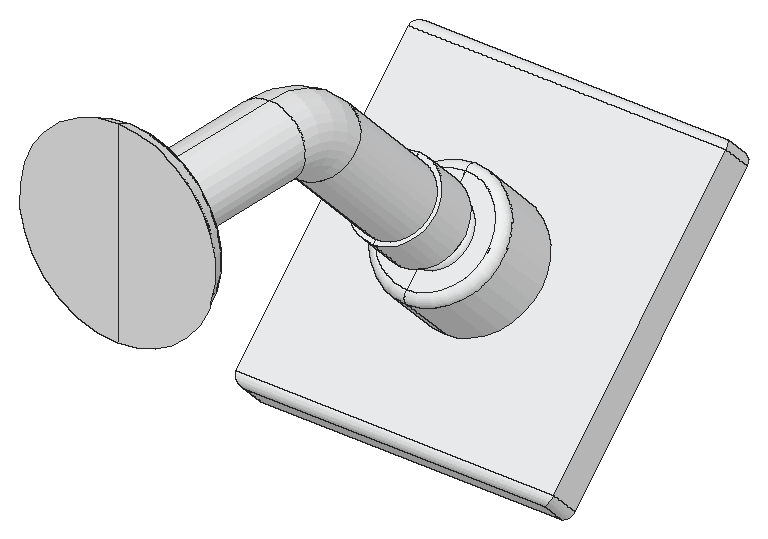
Revit family "434505551_Regadera Con Brazo Nogal", category Plumbing Fixtures, host Wall, Revit 2020
Family settings
  Host = Wall
  Round Connector Dimension = Use Diameter
  Part Type = Normal
  OmniClass Number = 23.31.17.00
  OmniClass Title = Showers
  Always vertical = Yes
  Cut with Voids When Loaded = No
  Shared = No
  Room Calculation Point = No
Parameters (values of type "Type 1")
  Vida útil = " 10.000 ciclos."  # constant formula
  URL = "https://www.grival.com/griferias-y-accesorios/duchas/regaderas-con-brazo/regadera-con-brazo-nogal/"
  Referencia = "434505551"  # constant formula
  Profundidad = 191 mm  # constant formula
  Presion minima = "20 psi (140 kPa).\r"  # constant formula
  Presion maxima = "125 psi (860 kPa)"  # constant formula
  Peso neto = "150 g. - 0,33 lb.\r"  # constant formula
  Model = "Ducha Nogal Regadera con Brazo"  # constant formula
  Use Temperature = "5˚C a 71˚C.\r"  # constant formula
  Material 2 = Corona_Plastico_Negro
  Material = Corona_Aluminio
  Manufacturer = "Grival"  # constant formula
  Garantía = "30 Años Grival - 2 Años Cromado"  # constant formula
  Fecha de creación = "09/04/2021"  # constant formula
  Description = "La regadera Nogal con tecnología de ahorro de agua minimiza el\r\nderroche ofreciendo un mayor rendimiento sin sacrificar el confort en\r\nla ducha, con chorro focalizado ofrece mayor practicidad en espacios\r\npequeños o consumidores que buscan cobertura direccionada."  # constant formula
  Default Elevation = 0 mm
  Creado por = "BIMBAU"  # constant formula
  Capacidad de flujo = "9,3 L/min."  # constant formula
  Ancho = 102 mm  # constant formula
  Altura Ducha = 1500 mm
  Alto = 117 mm  # constant formula
Reference planes
  plane 1 "Wall": y = 0
  plane 2 "Center (Left/Right)": x = 125
  plane 3 "Back": y = 75
  plane 4: y = 75
  plane 5: y = 266
  plane 6: x = 176
  plane 7: x = 74
  plane 8: z = 1500
  plane 9: z = 1383
  plane 10: z = 1531.5
Forms (mm)
  Revolve 1, solid, material "Corona_Aluminio" <- "Material", detail levels medium+fine
    sketch origin (125, 0, -51.598) x (0, 1, 0) y (0, 0, 1)
      loop
        line (75, 1551.598) -> (82.145, 1551.598) -> (82.145, 1569.074)
        arc (82.145, 1569.074) -> (82.104, 1570.357) -> (81.98, 1571.635) r 20
        line (81.98, 1571.635) -> (80.994, 1579.277)
        arc (80.994, 1579.277) -> (80.624, 1580.202) -> (79.855, 1580.834) r 2
        line (79.855, 1580.834) -> (75, 1583.098) -> (75, 1551.598)
      axis (75, 1551.598) -> (82.145, 1551.598)
    angle from 0 to 360
  Sweep 2, solid, material "Corona_Aluminio" <- "Material", detail levels medium+fine
    path origin (125, 0, -51.598) x (0, 1, 0) y (0, 0, 1)
      loop
        line (80, 1563.098) -> (135.833, 1563.098)
        arc (135.833, 1563.098) -> (151.141, 1560.053) -> (164.117, 1551.382) r 40
        line (164.117, 1551.382) -> (196.427, 1519.073)
    profile origin (125, 107.917, 1511.5) x (0, 0, 1) y (1, 0, 0)
      loop
        circle (-11.5, 0) r 11.5
  Revolve 3, solid, material "Corona_Aluminio" <- "Material", detail levels medium+fine
    sketch origin (125, 0, -51.598) x (0, 1, 0) y (0, 0, 1)
      loop
        line (195.802, 1521.901) -> (186.568, 1512.668) -> (220.203, 1479.033) -> (234.261, 1493.091) -> (218.996, 1508.356)
        arc (218.996, 1508.356) -> (216.847, 1509.246) -> (214.697, 1508.356) r 3.04
        line (214.697, 1508.356) -> (210.46, 1504.118)
        arc (210.46, 1504.118) -> (209.502, 1504.354) -> (208.544, 1504.118) r 2.064
        arc (208.544, 1504.118) -> (206.656, 1504.406) -> (206.369, 1506.294) r 1.612
        arc (206.369, 1506.294) -> (207.079, 1508.378) -> (207.124, 1510.579) r 7.173
        line (207.124, 1510.579) -> (195.802, 1521.901)
      axis (186.568, 1512.668) -> (220.203, 1479.033)
    angle from 0 to 360
  Extrusion 4, solid, material "Corona_Aluminio" <- "Material", detail levels medium+fine
    sketch origin (125, 0, -51.598) x (0, 1, 0) y (0, 0, 1)
      loop
        line (192.6, 1434.598) -> (266, 1507.997) -> (259.705, 1514.292)
        arc (259.705, 1514.292) -> (257.584, 1515.171) -> (255.462, 1514.292) r 3
        line (255.462, 1514.292) -> (186.305, 1445.136)
        arc (186.305, 1445.136) -> (185.427, 1443.014) -> (186.305, 1440.893) r 3
        line (186.305, 1440.893) -> (192.6, 1434.598)
    from -51 to 51
  Extrusion 5, void
    sketch origin (0, 932.939, 94.511) x (1, 0, 0) y (0, 0.707107, 0.707107)
      loop
        arc (74, 488.403) -> (74.879, 490.524) -> (77, 491.403) r 3
        line (77, 491.403) -> (77, 494.108) -> (71.837, 494.108) -> (71.837, 488.403) -> (74, 488.403)
      loop
        line (176, 488.403) -> (178.163, 488.403) -> (178.163, 494.108) -> (173, 494.108) -> (173, 491.403)
        arc (173, 491.403) -> (175.121, 490.524) -> (176, 488.403) r 3
      loop
        line (74, 390.6) -> (71.837, 390.6) -> (71.837, 384.895) -> (77, 384.895) -> (77, 387.6)
        arc (77, 387.6) -> (74.879, 388.479) -> (74, 390.6) r 3
      loop
        arc (176, 390.6) -> (175.121, 388.479) -> (173, 387.6) r 3
        line (173, 387.6) -> (173, 384.895) -> (178.163, 384.895) -> (178.163, 390.6) -> (176, 390.6)
    from 1404.979 to 1472.17
  Revolve 6, solid, material "Corona_Plastico_Negro" <- "Material 2", detail levels medium+fine
    sketch origin (125, 0, -51.598) x (0, 1, 0) y (0, 0, 1)
      loop
        line (256.058, 1498.056) -> (254.655, 1496.652) -> (256.731, 1495.926) -> (257.46, 1496.654) -> (256.058, 1498.056)
      axis (257.46, 1496.654) -> (256.058, 1498.056)
    angle from 0 to 360
  Revolve 7, solid, material "Corona_Plastico_Negro" <- "Material 2", detail levels medium+fine
    sketch origin (125, -9.187, -60.785) x (0, 1, 0) y (0, 0, 1)
      loop
        line (256.058, 1498.056) -> (254.655, 1496.652) -> (256.731, 1495.926) -> (257.46, 1496.654) -> (256.058, 1498.056)
      axis (257.46, 1496.654) -> (256.058, 1498.056)
    angle from 0 to 360
  Revolve 8, solid, material "Corona_Plastico_Negro" <- "Material 2", detail levels medium+fine
    sketch origin (125, -18.374, -69.972) x (0, 1, 0) y (0, 0, 1)
      loop
        line (256.058, 1498.056) -> (254.655, 1496.652) -> (256.731, 1495.926) -> (257.46, 1496.654) -> (256.058, 1498.056)
      axis (257.46, 1496.654) -> (256.058, 1498.056)
    angle from 0 to 360
  Revolve 9, solid, material "Corona_Plastico_Negro" <- "Material 2", detail levels medium+fine
    sketch origin (125, -27.561, -79.159) x (0, 1, 0) y (0, 0, 1)
      loop
        line (256.058, 1498.056) -> (254.655, 1496.652) -> (256.731, 1495.926) -> (257.46, 1496.654) -> (256.058, 1498.056)
      axis (257.46, 1496.654) -> (256.058, 1498.056)
    angle from 0 to 360
  Revolve 10, solid, material "Corona_Plastico_Negro" <- "Material 2", detail levels medium+fine
    sketch origin (125, -36.748, -88.346) x (0, 1, 0) y (0, 0, 1)
      loop
        line (256.058, 1498.056) -> (254.655, 1496.652) -> (256.731, 1495.926) -> (257.46, 1496.654) -> (256.058, 1498.056)
      axis (257.46, 1496.654) -> (256.058, 1498.056)
    angle from 0 to 360
  Revolve 11, solid, material "Corona_Plastico_Negro" <- "Material 2", detail levels medium+fine
    sketch origin (125, -45.935, -97.533) x (0, 1, 0) y (0, 0, 1)
      loop
        line (256.058, 1498.056) -> (254.655, 1496.652) -> (256.731, 1495.926) -> (257.46, 1496.654) -> (256.058, 1498.056)
      axis (257.46, 1496.654) -> (256.058, 1498.056)
    angle from 0 to 360
  Revolve 12, solid, material "Corona_Plastico_Negro" <- "Material 2", detail levels medium+fine
    sketch origin (125, -55.123, -106.72) x (0, 1, 0) y (0, 0, 1)
      loop
        line (256.058, 1498.056) -> (254.655, 1496.652) -> (256.731, 1495.926) -> (257.46, 1496.654) -> (256.058, 1498.056)
      axis (257.46, 1496.654) -> (256.058, 1498.056)
    angle from 0 to 360
  Revolve 13, solid, material "Corona_Plastico_Negro" <- "Material 2", detail levels medium+fine
    sketch origin (138.212, 0, -51.598) x (0, 1, 0) y (0, 0, 1)
      loop
        line (256.058, 1498.056) -> (254.655, 1496.652) -> (256.731, 1495.926) -> (257.46, 1496.654) -> (256.058, 1498.056)
      axis (257.46, 1496.654) -> (256.058, 1498.056)
    angle from 0 to 360
  Revolve 14, solid, material "Corona_Plastico_Negro" <- "Material 2", detail levels medium+fine
    sketch origin (138.212, -9.187, -60.785) x (0, 1, 0) y (0, 0, 1)
      loop
        line (256.058, 1498.056) -> (254.655, 1496.652) -> (256.731, 1495.926) -> (257.46, 1496.654) -> (256.058, 1498.056)
      axis (257.46, 1496.654) -> (256.058, 1498.056)
    angle from 0 to 360
  Revolve 15, solid, material "Corona_Plastico_Negro" <- "Material 2", detail levels medium+fine
    sketch origin (138.212, -18.374, -69.972) x (0, 1, 0) y (0, 0, 1)
      loop
        line (256.058, 1498.056) -> (254.655, 1496.652) -> (256.731, 1495.926) -> (257.46, 1496.654) -> (256.058, 1498.056)
      axis (257.46, 1496.654) -> (256.058, 1498.056)
    angle from 0 to 360
  Revolve 16, solid, material "Corona_Plastico_Negro" <- "Material 2", detail levels medium+fine
    sketch origin (138.212, -27.561, -79.159) x (0, 1, 0) y (0, 0, 1)
      loop
        line (256.058, 1498.056) -> (254.655, 1496.652) -> (256.731, 1495.926) -> (257.46, 1496.654) -> (256.058, 1498.056)
      axis (257.46, 1496.654) -> (256.058, 1498.056)
    angle from 0 to 360
  Revolve 17, solid, material "Corona_Plastico_Negro" <- "Material 2", detail levels medium+fine
    sketch origin (138.212, -36.748, -88.346) x (0, 1, 0) y (0, 0, 1)
      loop
        line (256.058, 1498.056) -> (254.655, 1496.652) -> (256.731, 1495.926) -> (257.46, 1496.654) -> (256.058, 1498.056)
      axis (257.46, 1496.654) -> (256.058, 1498.056)
    angle from 0 to 360
  Revolve 18, solid, material "Corona_Plastico_Negro" <- "Material 2", detail levels medium+fine
    sketch origin (138.212, -45.935, -97.533) x (0, 1, 0) y (0, 0, 1)
      loop
        line (256.058, 1498.056) -> (254.655, 1496.652) -> (256.731, 1495.926) -> (257.46, 1496.654) -> (256.058, 1498.056)
      axis (257.46, 1496.654) -> (256.058, 1498.056)
    angle from 0 to 360
  Revolve 19, solid, material "Corona_Plastico_Negro" <- "Material 2", detail levels medium+fine
    sketch origin (138.212, -55.123, -106.72) x (0, 1, 0) y (0, 0, 1)
      loop
        line (256.058, 1498.056) -> (254.655, 1496.652) -> (256.731, 1495.926) -> (257.46, 1496.654) -> (256.058, 1498.056)
      axis (257.46, 1496.654) -> (256.058, 1498.056)
    angle from 0 to 360
  Revolve 20, solid, material "Corona_Plastico_Negro" <- "Material 2", detail levels medium+fine
    sketch origin (151.424, 0, -51.598) x (0, 1, 0) y (0, 0, 1)
      loop
        line (256.058, 1498.056) -> (254.655, 1496.652) -> (256.731, 1495.926) -> (257.46, 1496.654) -> (256.058, 1498.056)
      axis (257.46, 1496.654) -> (256.058, 1498.056)
    angle from 0 to 360
  Revolve 21, solid, material "Corona_Plastico_Negro" <- "Material 2", detail levels medium+fine
    sketch origin (151.424, -9.187, -60.785) x (0, 1, 0) y (0, 0, 1)
      loop
        line (256.058, 1498.056) -> (254.655, 1496.652) -> (256.731, 1495.926) -> (257.46, 1496.654) -> (256.058, 1498.056)
      axis (257.46, 1496.654) -> (256.058, 1498.056)
    angle from 0 to 360
  Revolve 22, solid, material "Corona_Plastico_Negro" <- "Material 2", detail levels medium+fine
    sketch origin (151.424, -18.374, -69.972) x (0, 1, 0) y (0, 0, 1)
      loop
        line (256.058, 1498.056) -> (254.655, 1496.652) -> (256.731, 1495.926) -> (257.46, 1496.654) -> (256.058, 1498.056)
      axis (257.46, 1496.654) -> (256.058, 1498.056)
    angle from 0 to 360
  Revolve 23, solid, material "Corona_Plastico_Negro" <- "Material 2", detail levels medium+fine
    sketch origin (151.424, -27.561, -79.159) x (0, 1, 0) y (0, 0, 1)
      loop
        line (256.058, 1498.056) -> (254.655, 1496.652) -> (256.731, 1495.926) -> (257.46, 1496.654) -> (256.058, 1498.056)
      axis (257.46, 1496.654) -> (256.058, 1498.056)
    angle from 0 to 360
  Revolve 24, solid, material "Corona_Plastico_Negro" <- "Material 2", detail levels medium+fine
    sketch origin (151.424, -36.748, -88.346) x (0, 1, 0) y (0, 0, 1)
      loop
        line (256.058, 1498.056) -> (254.655, 1496.652) -> (256.731, 1495.926) -> (257.46, 1496.654) -> (256.058, 1498.056)
      axis (257.46, 1496.654) -> (256.058, 1498.056)
    angle from 0 to 360
  Revolve 25, solid, material "Corona_Plastico_Negro" <- "Material 2", detail levels medium+fine
    sketch origin (151.424, -45.935, -97.533) x (0, 1, 0) y (0, 0, 1)
      loop
        line (256.058, 1498.056) -> (254.655, 1496.652) -> (256.731, 1495.926) -> (257.46, 1496.654) -> (256.058, 1498.056)
      axis (257.46, 1496.654) -> (256.058, 1498.056)
    angle from 0 to 360
  Revolve 26, solid, material "Corona_Plastico_Negro" <- "Material 2", detail levels medium+fine
    sketch origin (151.424, -55.123, -106.72) x (0, 1, 0) y (0, 0, 1)
      loop
        line (256.058, 1498.056) -> (254.655, 1496.652) -> (256.731, 1495.926) -> (257.46, 1496.654) -> (256.058, 1498.056)
      axis (257.46, 1496.654) -> (256.058, 1498.056)
    angle from 0 to 360
  Revolve 27, solid, material "Corona_Plastico_Negro" <- "Material 2", detail levels medium+fine
    sketch origin (164.636, 0, -51.598) x (0, 1, 0) y (0, 0, 1)
      loop
        line (256.058, 1498.056) -> (254.655, 1496.652) -> (256.731, 1495.926) -> (257.46, 1496.654) -> (256.058, 1498.056)
      axis (257.46, 1496.654) -> (256.058, 1498.056)
    angle from 0 to 360
  Revolve 28, solid, material "Corona_Plastico_Negro" <- "Material 2", detail levels medium+fine
    sketch origin (164.636, -9.187, -60.785) x (0, 1, 0) y (0, 0, 1)
      loop
        line (256.058, 1498.056) -> (254.655, 1496.652) -> (256.731, 1495.926) -> (257.46, 1496.654) -> (256.058, 1498.056)
      axis (257.46, 1496.654) -> (256.058, 1498.056)
    angle from 0 to 360
  Revolve 29, solid, material "Corona_Plastico_Negro" <- "Material 2", detail levels medium+fine
    sketch origin (164.636, -18.374, -69.972) x (0, 1, 0) y (0, 0, 1)
      loop
        line (256.058, 1498.056) -> (254.655, 1496.652) -> (256.731, 1495.926) -> (257.46, 1496.654) -> (256.058, 1498.056)
      axis (257.46, 1496.654) -> (256.058, 1498.056)
    angle from 0 to 360
  Revolve 30, solid, material "Corona_Plastico_Negro" <- "Material 2", detail levels medium+fine
    sketch origin (164.636, -27.561, -79.159) x (0, 1, 0) y (0, 0, 1)
      loop
        line (256.058, 1498.056) -> (254.655, 1496.652) -> (256.731, 1495.926) -> (257.46, 1496.654) -> (256.058, 1498.056)
      axis (257.46, 1496.654) -> (256.058, 1498.056)
    angle from 0 to 360
  Revolve 31, solid, material "Corona_Plastico_Negro" <- "Material 2", detail levels medium+fine
    sketch origin (164.636, -36.748, -88.346) x (0, 1, 0) y (0, 0, 1)
      loop
        line (256.058, 1498.056) -> (254.655, 1496.652) -> (256.731, 1495.926) -> (257.46, 1496.654) -> (256.058, 1498.056)
      axis (257.46, 1496.654) -> (256.058, 1498.056)
    angle from 0 to 360
  Revolve 32, solid, material "Corona_Plastico_Negro" <- "Material 2", detail levels medium+fine
    sketch origin (164.636, -45.935, -97.533) x (0, 1, 0) y (0, 0, 1)
      loop
        line (256.058, 1498.056) -> (254.655, 1496.652) -> (256.731, 1495.926) -> (257.46, 1496.654) -> (256.058, 1498.056)
      axis (257.46, 1496.654) -> (256.058, 1498.056)
    angle from 0 to 360
  Revolve 33, solid, material "Corona_Plastico_Negro" <- "Material 2", detail levels medium+fine
    sketch origin (164.636, -55.123, -106.72) x (0, 1, 0) y (0, 0, 1)
      loop
        line (256.058, 1498.056) -> (254.655, 1496.652) -> (256.731, 1495.926) -> (257.46, 1496.654) -> (256.058, 1498.056)
      axis (257.46, 1496.654) -> (256.058, 1498.056)
    angle from 0 to 360
  Revolve 34, solid, material "Corona_Plastico_Negro" <- "Material 2", detail levels medium+fine
    sketch origin (85.364, 0, -51.598) x (0, 1, 0) y (0, 0, 1)
      loop
        line (256.058, 1498.056) -> (254.655, 1496.652) -> (256.731, 1495.926) -> (257.46, 1496.654) -> (256.058, 1498.056)
      axis (257.46, 1496.654) -> (256.058, 1498.056)
    angle from 0 to 360
  Revolve 35, solid, material "Corona_Plastico_Negro" <- "Material 2", detail levels medium+fine
    sketch origin (85.364, -9.187, -60.785) x (0, 1, 0) y (0, 0, 1)
      loop
        line (256.058, 1498.056) -> (254.655, 1496.652) -> (256.731, 1495.926) -> (257.46, 1496.654) -> (256.058, 1498.056)
      axis (257.46, 1496.654) -> (256.058, 1498.056)
    angle from 0 to 360
  Revolve 36, solid, material "Corona_Plastico_Negro" <- "Material 2", detail levels medium+fine
    sketch origin (85.364, -18.374, -69.972) x (0, 1, 0) y (0, 0, 1)
      loop
        line (256.058, 1498.056) -> (254.655, 1496.652) -> (256.731, 1495.926) -> (257.46, 1496.654) -> (256.058, 1498.056)
      axis (257.46, 1496.654) -> (256.058, 1498.056)
    angle from 0 to 360
  Revolve 37, solid, material "Corona_Plastico_Negro" <- "Material 2", detail levels medium+fine
    sketch origin (85.364, -27.561, -79.159) x (0, 1, 0) y (0, 0, 1)
      loop
        line (256.058, 1498.056) -> (254.655, 1496.652) -> (256.731, 1495.926) -> (257.46, 1496.654) -> (256.058, 1498.056)
      axis (257.46, 1496.654) -> (256.058, 1498.056)
    angle from 0 to 360
  Revolve 38, solid, material "Corona_Plastico_Negro" <- "Material 2", detail levels medium+fine
    sketch origin (85.364, -36.748, -88.346) x (0, 1, 0) y (0, 0, 1)
      loop
        line (256.058, 1498.056) -> (254.655, 1496.652) -> (256.731, 1495.926) -> (257.46, 1496.654) -> (256.058, 1498.056)
      axis (257.46, 1496.654) -> (256.058, 1498.056)
    angle from 0 to 360
  Revolve 39, solid, material "Corona_Plastico_Negro" <- "Material 2", detail levels medium+fine
    sketch origin (85.364, -45.935, -97.533) x (0, 1, 0) y (0, 0, 1)
      loop
        line (256.058, 1498.056) -> (254.655, 1496.652) -> (256.731, 1495.926) -> (257.46, 1496.654) -> (256.058, 1498.056)
      axis (257.46, 1496.654) -> (256.058, 1498.056)
    angle from 0 to 360
  Revolve 40, solid, material "Corona_Plastico_Negro" <- "Material 2", detail levels medium+fine
    sketch origin (85.364, -55.123, -106.72) x (0, 1, 0) y (0, 0, 1)
      loop
        line (256.058, 1498.056) -> (254.655, 1496.652) -> (256.731, 1495.926) -> (257.46, 1496.654) -> (256.058, 1498.056)
      axis (257.46, 1496.654) -> (256.058, 1498.056)
    angle from 0 to 360
  Revolve 41, solid, material "Corona_Plastico_Negro" <- "Material 2", detail levels medium+fine
    sketch origin (98.576, 0, -51.598) x (0, 1, 0) y (0, 0, 1)
      loop
        line (256.058, 1498.056) -> (254.655, 1496.652) -> (256.731, 1495.926) -> (257.46, 1496.654) -> (256.058, 1498.056)
      axis (257.46, 1496.654) -> (256.058, 1498.056)
    angle from 0 to 360
  Revolve 42, solid, material "Corona_Plastico_Negro" <- "Material 2", detail levels medium+fine
    sketch origin (98.576, -9.187, -60.785) x (0, 1, 0) y (0, 0, 1)
      loop
        line (256.058, 1498.056) -> (254.655, 1496.652) -> (256.731, 1495.926) -> (257.46, 1496.654) -> (256.058, 1498.056)
      axis (257.46, 1496.654) -> (256.058, 1498.056)
    angle from 0 to 360
  Revolve 43, solid, material "Corona_Plastico_Negro" <- "Material 2", detail levels medium+fine
    sketch origin (98.576, -18.374, -69.972) x (0, 1, 0) y (0, 0, 1)
      loop
        line (256.058, 1498.056) -> (254.655, 1496.652) -> (256.731, 1495.926) -> (257.46, 1496.654) -> (256.058, 1498.056)
      axis (257.46, 1496.654) -> (256.058, 1498.056)
    angle from 0 to 360
  Revolve 44, solid, material "Corona_Plastico_Negro" <- "Material 2", detail levels medium+fine
    sketch origin (98.576, -27.561, -79.159) x (0, 1, 0) y (0, 0, 1)
      loop
        line (256.058, 1498.056) -> (254.655, 1496.652) -> (256.731, 1495.926) -> (257.46, 1496.654) -> (256.058, 1498.056)
      axis (257.46, 1496.654) -> (256.058, 1498.056)
    angle from 0 to 360
  Revolve 45, solid, material "Corona_Plastico_Negro" <- "Material 2", detail levels medium+fine
    sketch origin (98.576, -36.748, -88.346) x (0, 1, 0) y (0, 0, 1)
      loop
        line (256.058, 1498.056) -> (254.655, 1496.652) -> (256.731, 1495.926) -> (257.46, 1496.654) -> (256.058, 1498.056)
      axis (257.46, 1496.654) -> (256.058, 1498.056)
    angle from 0 to 360
  Revolve 46, solid, material "Corona_Plastico_Negro" <- "Material 2", detail levels medium+fine
    sketch origin (98.576, -45.935, -97.533) x (0, 1, 0) y (0, 0, 1)
      loop
        line (256.058, 1498.056) -> (254.655, 1496.652) -> (256.731, 1495.926) -> (257.46, 1496.654) -> (256.058, 1498.056)
      axis (257.46, 1496.654) -> (256.058, 1498.056)
    angle from 0 to 360
  Revolve 47, solid, material "Corona_Plastico_Negro" <- "Material 2", detail levels medium+fine
    sketch origin (98.576, -55.123, -106.72) x (0, 1, 0) y (0, 0, 1)
      loop
        line (256.058, 1498.056) -> (254.655, 1496.652) -> (256.731, 1495.926) -> (257.46, 1496.654) -> (256.058, 1498.056)
      axis (257.46, 1496.654) -> (256.058, 1498.056)
    angle from 0 to 360
  Revolve 48, solid, material "Corona_Plastico_Negro" <- "Material 2", detail levels medium+fine
    sketch origin (111.788, 0, -51.598) x (0, 1, 0) y (0, 0, 1)
      loop
        line (256.058, 1498.056) -> (254.655, 1496.652) -> (256.731, 1495.926) -> (257.46, 1496.654) -> (256.058, 1498.056)
      axis (257.46, 1496.654) -> (256.058, 1498.056)
    angle from 0 to 360
  Revolve 49, solid, material "Corona_Plastico_Negro" <- "Material 2", detail levels medium+fine
    sketch origin (111.788, -9.187, -60.785) x (0, 1, 0) y (0, 0, 1)
      loop
        line (256.058, 1498.056) -> (254.655, 1496.652) -> (256.731, 1495.926) -> (257.46, 1496.654) -> (256.058, 1498.056)
      axis (257.46, 1496.654) -> (256.058, 1498.056)
    angle from 0 to 360
  Revolve 50, solid, material "Corona_Plastico_Negro" <- "Material 2", detail levels medium+fine
    sketch origin (111.788, -18.374, -69.972) x (0, 1, 0) y (0, 0, 1)
      loop
        line (256.058, 1498.056) -> (254.655, 1496.652) -> (256.731, 1495.926) -> (257.46, 1496.654) -> (256.058, 1498.056)
      axis (257.46, 1496.654) -> (256.058, 1498.056)
    angle from 0 to 360
  Revolve 51, solid, material "Corona_Plastico_Negro" <- "Material 2", detail levels medium+fine
    sketch origin (111.788, -27.561, -79.159) x (0, 1, 0) y (0, 0, 1)
      loop
        line (256.058, 1498.056) -> (254.655, 1496.652) -> (256.731, 1495.926) -> (257.46, 1496.654) -> (256.058, 1498.056)
      axis (257.46, 1496.654) -> (256.058, 1498.056)
    angle from 0 to 360
  Revolve 52, solid, material "Corona_Plastico_Negro" <- "Material 2", detail levels medium+fine
    sketch origin (111.788, -36.748, -88.346) x (0, 1, 0) y (0, 0, 1)
      loop
        line (256.058, 1498.056) -> (254.655, 1496.652) -> (256.731, 1495.926) -> (257.46, 1496.654) -> (256.058, 1498.056)
      axis (257.46, 1496.654) -> (256.058, 1498.056)
    angle from 0 to 360
  Revolve 53, solid, material "Corona_Plastico_Negro" <- "Material 2", detail levels medium+fine
    sketch origin (111.788, -45.935, -97.533) x (0, 1, 0) y (0, 0, 1)
      loop
        line (256.058, 1498.056) -> (254.655, 1496.652) -> (256.731, 1495.926) -> (257.46, 1496.654) -> (256.058, 1498.056)
      axis (257.46, 1496.654) -> (256.058, 1498.056)
    angle from 0 to 360
  Revolve 54, solid, material "Corona_Plastico_Negro" <- "Material 2", detail levels medium+fine
    sketch origin (111.788, -55.123, -106.72) x (0, 1, 0) y (0, 0, 1)
      loop
        line (256.058, 1498.056) -> (254.655, 1496.652) -> (256.731, 1495.926) -> (257.46, 1496.654) -> (256.058, 1498.056)
      axis (257.46, 1496.654) -> (256.058, 1498.056)
    angle from 0 to 360
  Extrusion 55, solid, material "Corona_Aluminio" <- "Material", detail levels coarse
    sketch origin (0, 0, 0) x (1, 0, 0) y (0, 0, 1)
      loop
        line (176, 1531.5) -> (74, 1531.5) -> (74, 1383) -> (176, 1383) -> (176, 1531.5)
    from -75 to -266
  Revolve 56, solid, material "Corona_Aluminio" <- "Material", not visible, detail levels medium+fine
    sketch origin (125, 0, -51.598) x (0, 1, 0) y (0, 0, 1)
      loop
        line (75, 1551.598) -> (82.145, 1551.598) -> (82.145, 1569.074)
        arc (82.145, 1569.074) -> (82.104, 1570.357) -> (81.98, 1571.635) r 20
        line (81.98, 1571.635) -> (80.994, 1579.277)
        arc (80.994, 1579.277) -> (80.624, 1580.202) -> (79.855, 1580.834) r 2
        line (79.855, 1580.834) -> (75, 1583.098) -> (75, 1551.598)
      axis (75, 1551.598) -> (82.145, 1551.598)
    angle from 0 to 360
  Sweep 57, solid, material "Corona_Aluminio" <- "Material", not visible, detail levels medium+fine
    path origin (125, 0, -51.598) x (0, 1, 0) y (0, 0, 1)
      loop
        line (80, 1563.098) -> (135.833, 1563.098)
        arc (135.833, 1563.098) -> (151.141, 1560.053) -> (164.117, 1551.382) r 40
        line (164.117, 1551.382) -> (196.427, 1519.073)
    profile origin (125, 107.917, 1511.5) x (0, 0, 1) y (1, 0, 0)
      loop
        circle (-11.5, 0) r 11.5
  Revolve 58, solid, material "Corona_Aluminio" <- "Material", not visible, detail levels medium+fine
    sketch origin (125, 0, -51.598) x (0, 1, 0) y (0, 0, 1)
      loop
        line (195.802, 1521.901) -> (186.568, 1512.668) -> (220.203, 1479.033) -> (234.261, 1493.091) -> (218.996, 1508.356)
        arc (218.996, 1508.356) -> (216.847, 1509.246) -> (214.697, 1508.356) r 3.04
        line (214.697, 1508.356) -> (210.46, 1504.118)
        arc (210.46, 1504.118) -> (209.502, 1504.354) -> (208.544, 1504.118) r 2.064
        arc (208.544, 1504.118) -> (206.656, 1504.406) -> (206.369, 1506.294) r 1.612
        arc (206.369, 1506.294) -> (207.079, 1508.378) -> (207.124, 1510.579) r 7.173
        line (207.124, 1510.579) -> (195.802, 1521.901)
      axis (186.568, 1512.668) -> (220.203, 1479.033)
    angle from 0 to 360
  Extrusion 59, solid, material "Corona_Aluminio" <- "Material", not visible, detail levels medium+fine
    sketch origin (125, 0, -51.598) x (0, 1, 0) y (0, 0, 1)
      loop
        line (192.6, 1434.598) -> (266, 1507.997) -> (259.705, 1514.292)
        arc (259.705, 1514.292) -> (257.584, 1515.171) -> (255.462, 1514.292) r 3
        line (255.462, 1514.292) -> (186.305, 1445.136)
        arc (186.305, 1445.136) -> (185.427, 1443.014) -> (186.305, 1440.893) r 3
        line (186.305, 1440.893) -> (192.6, 1434.598)
    from -51 to 51
  Extrusion 60, void, not visible
    sketch origin (0, 932.939, 94.511) x (1, 0, 0) y (0, 0.707107, 0.707107)
      loop
        arc (74, 488.403) -> (74.879, 490.524) -> (77, 491.403) r 3
        line (77, 491.403) -> (77, 494.108) -> (71.837, 494.108) -> (71.837, 488.403) -> (74, 488.403)
      loop
        line (176, 488.403) -> (178.163, 488.403) -> (178.163, 494.108) -> (173, 494.108) -> (173, 491.403)
        arc (173, 491.403) -> (175.121, 490.524) -> (176, 488.403) r 3
      loop
        line (74, 390.6) -> (71.837, 390.6) -> (71.837, 384.895) -> (77, 384.895) -> (77, 387.6)
        arc (77, 387.6) -> (74.879, 388.479) -> (74, 390.6) r 3
      loop
        arc (176, 390.6) -> (175.121, 388.479) -> (173, 387.6) r 3
        line (173, 387.6) -> (173, 384.895) -> (178.163, 384.895) -> (178.163, 390.6) -> (176, 390.6)
    from 1404.979 to 1472.17
  Revolve 61, solid, material "Corona_Plastico_Negro" <- "Material 2", not visible, detail levels medium+fine
    sketch origin (125, 0, -51.598) x (0, 1, 0) y (0, 0, 1)
      loop
        line (256.058, 1498.056) -> (254.655, 1496.652) -> (256.731, 1495.926) -> (257.46, 1496.654) -> (256.058, 1498.056)
      axis (257.46, 1496.654) -> (256.058, 1498.056)
    angle from 0 to 360
  Revolve 62, solid, material "Corona_Plastico_Negro" <- "Material 2", not visible, detail levels medium+fine
    sketch origin (125, -9.187, -60.785) x (0, 1, 0) y (0, 0, 1)
      loop
        line (256.058, 1498.056) -> (254.655, 1496.652) -> (256.731, 1495.926) -> (257.46, 1496.654) -> (256.058, 1498.056)
      axis (257.46, 1496.654) -> (256.058, 1498.056)
    angle from 0 to 360
  Revolve 63, solid, material "Corona_Plastico_Negro" <- "Material 2", not visible, detail levels medium+fine
    sketch origin (125, -18.374, -69.972) x (0, 1, 0) y (0, 0, 1)
      loop
        line (256.058, 1498.056) -> (254.655, 1496.652) -> (256.731, 1495.926) -> (257.46, 1496.654) -> (256.058, 1498.056)
      axis (257.46, 1496.654) -> (256.058, 1498.056)
    angle from 0 to 360
  Revolve 64, solid, material "Corona_Plastico_Negro" <- "Material 2", not visible, detail levels medium+fine
    sketch origin (125, -27.561, -79.159) x (0, 1, 0) y (0, 0, 1)
      loop
        line (256.058, 1498.056) -> (254.655, 1496.652) -> (256.731, 1495.926) -> (257.46, 1496.654) -> (256.058, 1498.056)
      axis (257.46, 1496.654) -> (256.058, 1498.056)
    angle from 0 to 360
  Revolve 65, solid, material "Corona_Plastico_Negro" <- "Material 2", not visible, detail levels medium+fine
    sketch origin (125, -36.748, -88.346) x (0, 1, 0) y (0, 0, 1)
      loop
        line (256.058, 1498.056) -> (254.655, 1496.652) -> (256.731, 1495.926) -> (257.46, 1496.654) -> (256.058, 1498.056)
      axis (257.46, 1496.654) -> (256.058, 1498.056)
    angle from 0 to 360
  Revolve 66, solid, material "Corona_Plastico_Negro" <- "Material 2", not visible, detail levels medium+fine
    sketch origin (125, -45.935, -97.533) x (0, 1, 0) y (0, 0, 1)
      loop
        line (256.058, 1498.056) -> (254.655, 1496.652) -> (256.731, 1495.926) -> (257.46, 1496.654) -> (256.058, 1498.056)
      axis (257.46, 1496.654) -> (256.058, 1498.056)
    angle from 0 to 360
  Revolve 67, solid, material "Corona_Plastico_Negro" <- "Material 2", not visible, detail levels medium+fine
    sketch origin (125, -55.123, -106.72) x (0, 1, 0) y (0, 0, 1)
      loop
        line (256.058, 1498.056) -> (254.655, 1496.652) -> (256.731, 1495.926) -> (257.46, 1496.654) -> (256.058, 1498.056)
      axis (257.46, 1496.654) -> (256.058, 1498.056)
    angle from 0 to 360
  Revolve 68, solid, material "Corona_Plastico_Negro" <- "Material 2", not visible, detail levels medium+fine
    sketch origin (138.212, 0, -51.598) x (0, 1, 0) y (0, 0, 1)
      loop
        line (256.058, 1498.056) -> (254.655, 1496.652) -> (256.731, 1495.926) -> (257.46, 1496.654) -> (256.058, 1498.056)
      axis (257.46, 1496.654) -> (256.058, 1498.056)
    angle from 0 to 360
  Revolve 69, solid, material "Corona_Plastico_Negro" <- "Material 2", not visible, detail levels medium+fine
    sketch origin (138.212, -9.187, -60.785) x (0, 1, 0) y (0, 0, 1)
      loop
        line (256.058, 1498.056) -> (254.655, 1496.652) -> (256.731, 1495.926) -> (257.46, 1496.654) -> (256.058, 1498.056)
      axis (257.46, 1496.654) -> (256.058, 1498.056)
    angle from 0 to 360
  Revolve 70, solid, material "Corona_Plastico_Negro" <- "Material 2", not visible, detail levels medium+fine
    sketch origin (138.212, -18.374, -69.972) x (0, 1, 0) y (0, 0, 1)
      loop
        line (256.058, 1498.056) -> (254.655, 1496.652) -> (256.731, 1495.926) -> (257.46, 1496.654) -> (256.058, 1498.056)
      axis (257.46, 1496.654) -> (256.058, 1498.056)
    angle from 0 to 360
  Revolve 71, solid, material "Corona_Plastico_Negro" <- "Material 2", not visible, detail levels medium+fine
    sketch origin (138.212, -27.561, -79.159) x (0, 1, 0) y (0, 0, 1)
      loop
        line (256.058, 1498.056) -> (254.655, 1496.652) -> (256.731, 1495.926) -> (257.46, 1496.654) -> (256.058, 1498.056)
      axis (257.46, 1496.654) -> (256.058, 1498.056)
    angle from 0 to 360
  Revolve 72, solid, material "Corona_Plastico_Negro" <- "Material 2", not visible, detail levels medium+fine
    sketch origin (138.212, -36.748, -88.346) x (0, 1, 0) y (0, 0, 1)
      loop
        line (256.058, 1498.056) -> (254.655, 1496.652) -> (256.731, 1495.926) -> (257.46, 1496.654) -> (256.058, 1498.056)
      axis (257.46, 1496.654) -> (256.058, 1498.056)
    angle from 0 to 360
  Revolve 73, solid, material "Corona_Plastico_Negro" <- "Material 2", not visible, detail levels medium+fine
    sketch origin (138.212, -45.935, -97.533) x (0, 1, 0) y (0, 0, 1)
      loop
        line (256.058, 1498.056) -> (254.655, 1496.652) -> (256.731, 1495.926) -> (257.46, 1496.654) -> (256.058, 1498.056)
      axis (257.46, 1496.654) -> (256.058, 1498.056)
    angle from 0 to 360
  Revolve 74, solid, material "Corona_Plastico_Negro" <- "Material 2", not visible, detail levels medium+fine
    sketch origin (138.212, -55.123, -106.72) x (0, 1, 0) y (0, 0, 1)
      loop
        line (256.058, 1498.056) -> (254.655, 1496.652) -> (256.731, 1495.926) -> (257.46, 1496.654) -> (256.058, 1498.056)
      axis (257.46, 1496.654) -> (256.058, 1498.056)
    angle from 0 to 360
  Revolve 75, solid, material "Corona_Plastico_Negro" <- "Material 2", not visible, detail levels medium+fine
    sketch origin (151.424, 0, -51.598) x (0, 1, 0) y (0, 0, 1)
      loop
        line (256.058, 1498.056) -> (254.655, 1496.652) -> (256.731, 1495.926) -> (257.46, 1496.654) -> (256.058, 1498.056)
      axis (257.46, 1496.654) -> (256.058, 1498.056)
    angle from 0 to 360
  Revolve 76, solid, material "Corona_Plastico_Negro" <- "Material 2", not visible, detail levels medium+fine
    sketch origin (151.424, -9.187, -60.785) x (0, 1, 0) y (0, 0, 1)
      loop
        line (256.058, 1498.056) -> (254.655, 1496.652) -> (256.731, 1495.926) -> (257.46, 1496.654) -> (256.058, 1498.056)
      axis (257.46, 1496.654) -> (256.058, 1498.056)
    angle from 0 to 360
  Revolve 77, solid, material "Corona_Plastico_Negro" <- "Material 2", not visible, detail levels medium+fine
    sketch origin (151.424, -18.374, -69.972) x (0, 1, 0) y (0, 0, 1)
      loop
        line (256.058, 1498.056) -> (254.655, 1496.652) -> (256.731, 1495.926) -> (257.46, 1496.654) -> (256.058, 1498.056)
      axis (257.46, 1496.654) -> (256.058, 1498.056)
    angle from 0 to 360
  Revolve 78, solid, material "Corona_Plastico_Negro" <- "Material 2", not visible, detail levels medium+fine
    sketch origin (151.424, -27.561, -79.159) x (0, 1, 0) y (0, 0, 1)
      loop
        line (256.058, 1498.056) -> (254.655, 1496.652) -> (256.731, 1495.926) -> (257.46, 1496.654) -> (256.058, 1498.056)
      axis (257.46, 1496.654) -> (256.058, 1498.056)
    angle from 0 to 360
  Revolve 79, solid, material "Corona_Plastico_Negro" <- "Material 2", not visible, detail levels medium+fine
    sketch origin (151.424, -36.748, -88.346) x (0, 1, 0) y (0, 0, 1)
      loop
        line (256.058, 1498.056) -> (254.655, 1496.652) -> (256.731, 1495.926) -> (257.46, 1496.654) -> (256.058, 1498.056)
      axis (257.46, 1496.654) -> (256.058, 1498.056)
    angle from 0 to 360
  Revolve 80, solid, material "Corona_Plastico_Negro" <- "Material 2", not visible, detail levels medium+fine
    sketch origin (151.424, -45.935, -97.533) x (0, 1, 0) y (0, 0, 1)
      loop
        line (256.058, 1498.056) -> (254.655, 1496.652) -> (256.731, 1495.926) -> (257.46, 1496.654) -> (256.058, 1498.056)
      axis (257.46, 1496.654) -> (256.058, 1498.056)
    angle from 0 to 360
  Revolve 81, solid, material "Corona_Plastico_Negro" <- "Material 2", not visible, detail levels medium+fine
    sketch origin (151.424, -55.123, -106.72) x (0, 1, 0) y (0, 0, 1)
      loop
        line (256.058, 1498.056) -> (254.655, 1496.652) -> (256.731, 1495.926) -> (257.46, 1496.654) -> (256.058, 1498.056)
      axis (257.46, 1496.654) -> (256.058, 1498.056)
    angle from 0 to 360
  Revolve 82, solid, material "Corona_Plastico_Negro" <- "Material 2", not visible, detail levels medium+fine
    sketch origin (164.636, 0, -51.598) x (0, 1, 0) y (0, 0, 1)
      loop
        line (256.058, 1498.056) -> (254.655, 1496.652) -> (256.731, 1495.926) -> (257.46, 1496.654) -> (256.058, 1498.056)
      axis (257.46, 1496.654) -> (256.058, 1498.056)
    angle from 0 to 360
  Revolve 83, solid, material "Corona_Plastico_Negro" <- "Material 2", not visible, detail levels medium+fine
    sketch origin (164.636, -9.187, -60.785) x (0, 1, 0) y (0, 0, 1)
      loop
        line (256.058, 1498.056) -> (254.655, 1496.652) -> (256.731, 1495.926) -> (257.46, 1496.654) -> (256.058, 1498.056)
      axis (257.46, 1496.654) -> (256.058, 1498.056)
    angle from 0 to 360
  Revolve 84, solid, material "Corona_Plastico_Negro" <- "Material 2", not visible, detail levels medium+fine
    sketch origin (164.636, -18.374, -69.972) x (0, 1, 0) y (0, 0, 1)
      loop
        line (256.058, 1498.056) -> (254.655, 1496.652) -> (256.731, 1495.926) -> (257.46, 1496.654) -> (256.058, 1498.056)
      axis (257.46, 1496.654) -> (256.058, 1498.056)
    angle from 0 to 360
  Revolve 85, solid, material "Corona_Plastico_Negro" <- "Material 2", not visible, detail levels medium+fine
    sketch origin (164.636, -27.561, -79.159) x (0, 1, 0) y (0, 0, 1)
      loop
        line (256.058, 1498.056) -> (254.655, 1496.652) -> (256.731, 1495.926) -> (257.46, 1496.654) -> (256.058, 1498.056)
      axis (257.46, 1496.654) -> (256.058, 1498.056)
    angle from 0 to 360
  Revolve 86, solid, material "Corona_Plastico_Negro" <- "Material 2", not visible, detail levels medium+fine
    sketch origin (164.636, -36.748, -88.346) x (0, 1, 0) y (0, 0, 1)
      loop
        line (256.058, 1498.056) -> (254.655, 1496.652) -> (256.731, 1495.926) -> (257.46, 1496.654) -> (256.058, 1498.056)
      axis (257.46, 1496.654) -> (256.058, 1498.056)
    angle from 0 to 360
  Revolve 87, solid, material "Corona_Plastico_Negro" <- "Material 2", not visible, detail levels medium+fine
    sketch origin (164.636, -45.935, -97.533) x (0, 1, 0) y (0, 0, 1)
      loop
        line (256.058, 1498.056) -> (254.655, 1496.652) -> (256.731, 1495.926) -> (257.46, 1496.654) -> (256.058, 1498.056)
      axis (257.46, 1496.654) -> (256.058, 1498.056)
    angle from 0 to 360
  Revolve 88, solid, material "Corona_Plastico_Negro" <- "Material 2", not visible, detail levels medium+fine
    sketch origin (164.636, -55.123, -106.72) x (0, 1, 0) y (0, 0, 1)
      loop
        line (256.058, 1498.056) -> (254.655, 1496.652) -> (256.731, 1495.926) -> (257.46, 1496.654) -> (256.058, 1498.056)
      axis (257.46, 1496.654) -> (256.058, 1498.056)
    angle from 0 to 360
  Revolve 89, solid, material "Corona_Plastico_Negro" <- "Material 2", not visible, detail levels medium+fine
    sketch origin (85.364, 0, -51.598) x (0, 1, 0) y (0, 0, 1)
      loop
        line (256.058, 1498.056) -> (254.655, 1496.652) -> (256.731, 1495.926) -> (257.46, 1496.654) -> (256.058, 1498.056)
      axis (257.46, 1496.654) -> (256.058, 1498.056)
    angle from 0 to 360
  Revolve 90, solid, material "Corona_Plastico_Negro" <- "Material 2", not visible, detail levels medium+fine
    sketch origin (85.364, -9.187, -60.785) x (0, 1, 0) y (0, 0, 1)
      loop
        line (256.058, 1498.056) -> (254.655, 1496.652) -> (256.731, 1495.926) -> (257.46, 1496.654) -> (256.058, 1498.056)
      axis (257.46, 1496.654) -> (256.058, 1498.056)
    angle from 0 to 360
  Revolve 91, solid, material "Corona_Plastico_Negro" <- "Material 2", not visible, detail levels medium+fine
    sketch origin (85.364, -18.374, -69.972) x (0, 1, 0) y (0, 0, 1)
      loop
        line (256.058, 1498.056) -> (254.655, 1496.652) -> (256.731, 1495.926) -> (257.46, 1496.654) -> (256.058, 1498.056)
      axis (257.46, 1496.654) -> (256.058, 1498.056)
    angle from 0 to 360
  Revolve 92, solid, material "Corona_Plastico_Negro" <- "Material 2", not visible, detail levels medium+fine
    sketch origin (85.364, -27.561, -79.159) x (0, 1, 0) y (0, 0, 1)
      loop
        line (256.058, 1498.056) -> (254.655, 1496.652) -> (256.731, 1495.926) -> (257.46, 1496.654) -> (256.058, 1498.056)
      axis (257.46, 1496.654) -> (256.058, 1498.056)
    angle from 0 to 360
  Revolve 93, solid, material "Corona_Plastico_Negro" <- "Material 2", not visible, detail levels medium+fine
    sketch origin (85.364, -36.748, -88.346) x (0, 1, 0) y (0, 0, 1)
      loop
        line (256.058, 1498.056) -> (254.655, 1496.652) -> (256.731, 1495.926) -> (257.46, 1496.654) -> (256.058, 1498.056)
      axis (257.46, 1496.654) -> (256.058, 1498.056)
    angle from 0 to 360
  Revolve 94, solid, material "Corona_Plastico_Negro" <- "Material 2", not visible, detail levels medium+fine
    sketch origin (85.364, -45.935, -97.533) x (0, 1, 0) y (0, 0, 1)
      loop
        line (256.058, 1498.056) -> (254.655, 1496.652) -> (256.731, 1495.926) -> (257.46, 1496.654) -> (256.058, 1498.056)
      axis (257.46, 1496.654) -> (256.058, 1498.056)
    angle from 0 to 360
  Revolve 95, solid, material "Corona_Plastico_Negro" <- "Material 2", not visible, detail levels medium+fine
    sketch origin (85.364, -55.123, -106.72) x (0, 1, 0) y (0, 0, 1)
      loop
        line (256.058, 1498.056) -> (254.655, 1496.652) -> (256.731, 1495.926) -> (257.46, 1496.654) -> (256.058, 1498.056)
      axis (257.46, 1496.654) -> (256.058, 1498.056)
    angle from 0 to 360
  Revolve 96, solid, material "Corona_Plastico_Negro" <- "Material 2", not visible, detail levels medium+fine
    sketch origin (98.576, 0, -51.598) x (0, 1, 0) y (0, 0, 1)
      loop
        line (256.058, 1498.056) -> (254.655, 1496.652) -> (256.731, 1495.926) -> (257.46, 1496.654) -> (256.058, 1498.056)
      axis (257.46, 1496.654) -> (256.058, 1498.056)
    angle from 0 to 360
  Revolve 97, solid, material "Corona_Plastico_Negro" <- "Material 2", not visible, detail levels medium+fine
    sketch origin (98.576, -9.187, -60.785) x (0, 1, 0) y (0, 0, 1)
      loop
        line (256.058, 1498.056) -> (254.655, 1496.652) -> (256.731, 1495.926) -> (257.46, 1496.654) -> (256.058, 1498.056)
      axis (257.46, 1496.654) -> (256.058, 1498.056)
    angle from 0 to 360
  Revolve 98, solid, material "Corona_Plastico_Negro" <- "Material 2", not visible, detail levels medium+fine
    sketch origin (98.576, -18.374, -69.972) x (0, 1, 0) y (0, 0, 1)
      loop
        line (256.058, 1498.056) -> (254.655, 1496.652) -> (256.731, 1495.926) -> (257.46, 1496.654) -> (256.058, 1498.056)
      axis (257.46, 1496.654) -> (256.058, 1498.056)
    angle from 0 to 360
  Revolve 99, solid, material "Corona_Plastico_Negro" <- "Material 2", not visible, detail levels medium+fine
    sketch origin (98.576, -27.561, -79.159) x (0, 1, 0) y (0, 0, 1)
      loop
        line (256.058, 1498.056) -> (254.655, 1496.652) -> (256.731, 1495.926) -> (257.46, 1496.654) -> (256.058, 1498.056)
      axis (257.46, 1496.654) -> (256.058, 1498.056)
    angle from 0 to 360
  Revolve 100, solid, material "Corona_Plastico_Negro" <- "Material 2", not visible, detail levels medium+fine
    sketch origin (98.576, -36.748, -88.346) x (0, 1, 0) y (0, 0, 1)
      loop
        line (256.058, 1498.056) -> (254.655, 1496.652) -> (256.731, 1495.926) -> (257.46, 1496.654) -> (256.058, 1498.056)
      axis (257.46, 1496.654) -> (256.058, 1498.056)
    angle from 0 to 360
  Revolve 101, solid, material "Corona_Plastico_Negro" <- "Material 2", not visible, detail levels medium+fine
    sketch origin (98.576, -45.935, -97.533) x (0, 1, 0) y (0, 0, 1)
      loop
        line (256.058, 1498.056) -> (254.655, 1496.652) -> (256.731, 1495.926) -> (257.46, 1496.654) -> (256.058, 1498.056)
      axis (257.46, 1496.654) -> (256.058, 1498.056)
    angle from 0 to 360
  Revolve 102, solid, material "Corona_Plastico_Negro" <- "Material 2", not visible, detail levels medium+fine
    sketch origin (98.576, -55.123, -106.72) x (0, 1, 0) y (0, 0, 1)
      loop
        line (256.058, 1498.056) -> (254.655, 1496.652) -> (256.731, 1495.926) -> (257.46, 1496.654) -> (256.058, 1498.056)
      axis (257.46, 1496.654) -> (256.058, 1498.056)
    angle from 0 to 360
  Revolve 103, solid, material "Corona_Plastico_Negro" <- "Material 2", not visible, detail levels medium+fine
    sketch origin (111.788, 0, -51.598) x (0, 1, 0) y (0, 0, 1)
      loop
        line (256.058, 1498.056) -> (254.655, 1496.652) -> (256.731, 1495.926) -> (257.46, 1496.654) -> (256.058, 1498.056)
      axis (257.46, 1496.654) -> (256.058, 1498.056)
    angle from 0 to 360
  Revolve 104, solid, material "Corona_Plastico_Negro" <- "Material 2", not visible, detail levels medium+fine
    sketch origin (111.788, -9.187, -60.785) x (0, 1, 0) y (0, 0, 1)
      loop
        line (256.058, 1498.056) -> (254.655, 1496.652) -> (256.731, 1495.926) -> (257.46, 1496.654) -> (256.058, 1498.056)
      axis (257.46, 1496.654) -> (256.058, 1498.056)
    angle from 0 to 360
  Revolve 105, solid, material "Corona_Plastico_Negro" <- "Material 2", not visible, detail levels medium+fine
    sketch origin (111.788, -18.374, -69.972) x (0, 1, 0) y (0, 0, 1)
      loop
        line (256.058, 1498.056) -> (254.655, 1496.652) -> (256.731, 1495.926) -> (257.46, 1496.654) -> (256.058, 1498.056)
      axis (257.46, 1496.654) -> (256.058, 1498.056)
    angle from 0 to 360
  Revolve 106, solid, material "Corona_Plastico_Negro" <- "Material 2", not visible, detail levels medium+fine
    sketch origin (111.788, -27.561, -79.159) x (0, 1, 0) y (0, 0, 1)
      loop
        line (256.058, 1498.056) -> (254.655, 1496.652) -> (256.731, 1495.926) -> (257.46, 1496.654) -> (256.058, 1498.056)
      axis (257.46, 1496.654) -> (256.058, 1498.056)
    angle from 0 to 360
  Revolve 107, solid, material "Corona_Plastico_Negro" <- "Material 2", not visible, detail levels medium+fine
    sketch origin (111.788, -36.748, -88.346) x (0, 1, 0) y (0, 0, 1)
      loop
        line (256.058, 1498.056) -> (254.655, 1496.652) -> (256.731, 1495.926) -> (257.46, 1496.654) -> (256.058, 1498.056)
      axis (257.46, 1496.654) -> (256.058, 1498.056)
    angle from 0 to 360
  Revolve 108, solid, material "Corona_Plastico_Negro" <- "Material 2", not visible, detail levels medium+fine
    sketch origin (111.788, -45.935, -97.533) x (0, 1, 0) y (0, 0, 1)
      loop
        line (256.058, 1498.056) -> (254.655, 1496.652) -> (256.731, 1495.926) -> (257.46, 1496.654) -> (256.058, 1498.056)
      axis (257.46, 1496.654) -> (256.058, 1498.056)
    angle from 0 to 360
  Revolve 109, solid, material "Corona_Plastico_Negro" <- "Material 2", not visible, detail levels medium+fine
    sketch origin (111.788, -55.123, -106.72) x (0, 1, 0) y (0, 0, 1)
      loop
        line (256.058, 1498.056) -> (254.655, 1496.652) -> (256.731, 1495.926) -> (257.46, 1496.654) -> (256.058, 1498.056)
      axis (257.46, 1496.654) -> (256.058, 1498.056)
    angle from 0 to 360
Cuts and joins
  Extrusion 5 cuts Extrusion 4
Text (mm)
  text "Placement Side" at (-1848.837, 1116.779, 0), in view "Ref. Level"
  text "Placement side" at (0, 1409.804, 2854.306), in view "Left"
  text "Placement side" at (0, 499.811, 2980.732), in view "Right"
Dimensions and locks
  locked: plane 3 "Back" to host wall
  locked: plane 4 to plane 1 "Wall" at 75
  "Profundidad": plane 3 "Back" to plane 5
  equal spacing: plane 7, plane 2 "Center (Left/Right)", plane 6
  "Ancho": plane 7 to plane 6
  "Alto": plane 9 to plane 8
  locked: plane 9 to plane 10 at 148.5
  "Altura Ducha": plane 8 to level
  aligned and locked: plane 1 "Wall" to host wall
  aligned and locked: Extrusion 55 to plane 10
  aligned and locked: Extrusion 55 to plane 9
  aligned and locked: plane 10 to Revolve 1
  aligned and locked: plane 2 "Center (Left/Right)" to nested 2
  aligned and locked: plane 8 to nested 2
  aligned and locked: host wall to nested 3
  aligned and locked: nested 3 to plane 8
  aligned and locked: Revolve 1 to host wall
Automatic sketch dimensions
  Revolve 1 sketch curve to Revolve 1 sketch curve = 0.845 mm
  Revolve 1 sketch curve to Revolve 1 sketch curve = 1.138 mm
  Revolve 1 sketch curve to Revolve 1 sketch curve = 7.145 mm
  Revolve 1 sketch curve to Revolve 1 sketch curve = 1.582 mm
  Revolve 1 sketch curve to Revolve 1 sketch curve = 7.524 mm
  Sweep 2 sketch curve to Sweep 2 sketch curve = 32.309 mm  (x2)
  profile plane to Sweep 2 sketch curve = 11.5 mm
  Revolve 3 sketch curve to Revolve 3 sketch curve = 9.233 mm
  Revolve 3 sketch curve to Revolve 3 sketch curve = 4.213 mm
  Revolve 3 sketch curve to Revolve 3 sketch curve = 0.672 mm
  Revolve 3 sketch curve to Revolve 3 sketch curve = 1.706 mm
  Revolve 3 sketch curve to Revolve 3 sketch curve = 0.958 mm
  Revolve 3 sketch curve to Revolve 3 sketch curve = 4.237 mm
  Revolve 3 sketch curve to Revolve 3 sketch curve = 2.15 mm  (x3)
  Revolve 3 sketch curve to Revolve 3 sketch curve = 1.828 mm
  Revolve 3 sketch curve to Revolve 3 sketch curve = 1.427 mm
  Revolve 3 sketch curve to Revolve 3 sketch curve = 0.955 mm
  Revolve 3 sketch curve to Revolve 3 sketch curve = 3.441 mm
  Revolve 3 sketch curve to Revolve 3 sketch curve = 0 mm
  Revolve 3 sketch curve to Revolve 3 sketch curve = 5.206 mm  (x2)
  Extrusion 4 sketch curve to Extrusion 4 sketch curve = 2.121 mm  (x5)
  Extrusion 4 sketch curve to Extrusion 4 sketch curve = 4.174 mm
  Extrusion 5 sketch curve to Extrusion 5 sketch curve = 2.163 mm  (x4)
  Extrusion 5 sketch curve to Extrusion 5 sketch curve = 0 mm  (x3)
  Extrusion 5 sketch curve to Extrusion 5 sketch curve = 2.705 mm  (x3)
  Extrusion 5 sketch curve to Extrusion 5 sketch curve = 97.803 mm
  Extrusion 5 sketch curve to Extrusion 5 sketch curve = 5.705 mm
  Revolve 6 sketch curve to Revolve 6 sketch curve = 1.404 mm
  Revolve 6 sketch curve to Revolve 6 sketch curve = 2.077 mm
  Revolve 6 sketch curve to Revolve 6 sketch curve = 0.729 mm
  Revolve 6 sketch curve to Revolve 6 sketch curve = 0.726 mm
  Revolve 6 sketch curve to Revolve 6 sketch curve = 0 mm  (x2)
  Revolve 6 sketch curve to Revolve 6 sketch curve = 0.438 mm  (x2)
  Revolve 7 sketch curve to Revolve 7 sketch curve = 1.404 mm
  Revolve 7 sketch curve to Revolve 7 sketch curve = 2.077 mm
  Revolve 7 sketch curve to Revolve 7 sketch curve = 0.729 mm
  Revolve 7 sketch curve to Revolve 7 sketch curve = 0.726 mm
  Revolve 7 sketch curve to Revolve 7 sketch curve = 0 mm  (x2)
  Revolve 7 sketch curve to Revolve 7 sketch curve = 0.438 mm  (x2)
  Revolve 8 sketch curve to Revolve 8 sketch curve = 1.404 mm
  Revolve 8 sketch curve to Revolve 8 sketch curve = 2.077 mm
  Revolve 8 sketch curve to Revolve 8 sketch curve = 0.729 mm
  Revolve 8 sketch curve to Revolve 8 sketch curve = 0.726 mm
  Revolve 8 sketch curve to Revolve 8 sketch curve = 0 mm  (x2)
  Revolve 8 sketch curve to Revolve 8 sketch curve = 0.438 mm  (x2)
  Revolve 9 sketch curve to Revolve 9 sketch curve = 1.404 mm
  Revolve 9 sketch curve to Revolve 9 sketch curve = 2.077 mm
  Revolve 9 sketch curve to Revolve 9 sketch curve = 0.729 mm
  Revolve 9 sketch curve to Revolve 9 sketch curve = 0.726 mm
  Revolve 9 sketch curve to Revolve 9 sketch curve = 0 mm  (x2)
  Revolve 9 sketch curve to Revolve 9 sketch curve = 0.438 mm  (x2)
  Revolve 10 sketch curve to Revolve 10 sketch curve = 1.404 mm
  Revolve 10 sketch curve to Revolve 10 sketch curve = 2.077 mm
  Revolve 10 sketch curve to Revolve 10 sketch curve = 0.729 mm
  Revolve 10 sketch curve to Revolve 10 sketch curve = 0.726 mm
  Revolve 10 sketch curve to Revolve 10 sketch curve = 0 mm  (x2)
  Revolve 10 sketch curve to Revolve 10 sketch curve = 0.438 mm  (x2)
  Revolve 11 sketch curve to Revolve 11 sketch curve = 1.404 mm
  Revolve 11 sketch curve to Revolve 11 sketch curve = 2.077 mm
  Revolve 11 sketch curve to Revolve 11 sketch curve = 0.729 mm
  Revolve 11 sketch curve to Revolve 11 sketch curve = 0.726 mm
  Revolve 11 sketch curve to Revolve 11 sketch curve = 0 mm  (x2)
  Revolve 11 sketch curve to Revolve 11 sketch curve = 0.438 mm  (x2)
  Revolve 12 sketch curve to Revolve 12 sketch curve = 1.404 mm
  Revolve 12 sketch curve to Revolve 12 sketch curve = 2.077 mm
  Revolve 12 sketch curve to Revolve 12 sketch curve = 0.729 mm
  Revolve 12 sketch curve to Revolve 12 sketch curve = 0.726 mm
  Revolve 12 sketch curve to Revolve 12 sketch curve = 0 mm  (x2)
  Revolve 12 sketch curve to Revolve 12 sketch curve = 0.438 mm  (x2)
  Revolve 13 sketch curve to Revolve 13 sketch curve = 1.404 mm
  Revolve 13 sketch curve to Revolve 13 sketch curve = 2.077 mm
  Revolve 13 sketch curve to Revolve 13 sketch curve = 0.729 mm
  Revolve 13 sketch curve to Revolve 13 sketch curve = 0.726 mm
  Revolve 13 sketch curve to Revolve 13 sketch curve = 0 mm  (x2)
  Revolve 13 sketch curve to Revolve 13 sketch curve = 0.438 mm  (x2)
  Revolve 14 sketch curve to Revolve 14 sketch curve = 1.404 mm
  Revolve 14 sketch curve to Revolve 14 sketch curve = 2.077 mm
  Revolve 14 sketch curve to Revolve 14 sketch curve = 0.729 mm
  Revolve 14 sketch curve to Revolve 14 sketch curve = 0.726 mm
  Revolve 14 sketch curve to Revolve 14 sketch curve = 0 mm  (x2)
  Revolve 14 sketch curve to Revolve 14 sketch curve = 0.438 mm  (x2)
  Revolve 15 sketch curve to Revolve 15 sketch curve = 1.404 mm
  Revolve 15 sketch curve to Revolve 15 sketch curve = 2.077 mm
  Revolve 15 sketch curve to Revolve 15 sketch curve = 0.729 mm
  Revolve 15 sketch curve to Revolve 15 sketch curve = 0.726 mm
  Revolve 15 sketch curve to Revolve 15 sketch curve = 0 mm  (x2)
  Revolve 15 sketch curve to Revolve 15 sketch curve = 0.438 mm  (x2)
  Revolve 16 sketch curve to Revolve 16 sketch curve = 1.404 mm
  Revolve 16 sketch curve to Revolve 16 sketch curve = 2.077 mm
  Revolve 16 sketch curve to Revolve 16 sketch curve = 0.729 mm
  Revolve 16 sketch curve to Revolve 16 sketch curve = 0.726 mm
  Revolve 16 sketch curve to Revolve 16 sketch curve = 0 mm  (x2)
  Revolve 16 sketch curve to Revolve 16 sketch curve = 0.438 mm  (x2)
  Revolve 17 sketch curve to Revolve 17 sketch curve = 1.404 mm
  Revolve 17 sketch curve to Revolve 17 sketch curve = 2.077 mm
  Revolve 17 sketch curve to Revolve 17 sketch curve = 0.729 mm
  Revolve 17 sketch curve to Revolve 17 sketch curve = 0.726 mm
  Revolve 17 sketch curve to Revolve 17 sketch curve = 0 mm  (x2)
  Revolve 17 sketch curve to Revolve 17 sketch curve = 0.438 mm  (x2)
  Revolve 18 sketch curve to Revolve 18 sketch curve = 1.404 mm
  Revolve 18 sketch curve to Revolve 18 sketch curve = 2.077 mm
  Revolve 18 sketch curve to Revolve 18 sketch curve = 0.729 mm
  Revolve 18 sketch curve to Revolve 18 sketch curve = 0.726 mm
  Revolve 18 sketch curve to Revolve 18 sketch curve = 0 mm  (x2)
  Revolve 18 sketch curve to Revolve 18 sketch curve = 0.438 mm  (x2)
  Revolve 19 sketch curve to Revolve 19 sketch curve = 1.404 mm
  Revolve 19 sketch curve to Revolve 19 sketch curve = 2.077 mm
  Revolve 19 sketch curve to Revolve 19 sketch curve = 0.729 mm
  Revolve 19 sketch curve to Revolve 19 sketch curve = 0.726 mm
  Revolve 19 sketch curve to Revolve 19 sketch curve = 0 mm  (x2)
  Revolve 19 sketch curve to Revolve 19 sketch curve = 0.438 mm  (x2)
  Revolve 20 sketch curve to Revolve 20 sketch curve = 1.404 mm
  Revolve 20 sketch curve to Revolve 20 sketch curve = 2.077 mm
  Revolve 20 sketch curve to Revolve 20 sketch curve = 0.729 mm
  Revolve 20 sketch curve to Revolve 20 sketch curve = 0.726 mm
  Revolve 20 sketch curve to Revolve 20 sketch curve = 0 mm  (x2)
  Revolve 20 sketch curve to Revolve 20 sketch curve = 0.438 mm  (x2)
  Revolve 21 sketch curve to Revolve 21 sketch curve = 1.404 mm
  Revolve 21 sketch curve to Revolve 21 sketch curve = 2.077 mm
  Revolve 21 sketch curve to Revolve 21 sketch curve = 0.729 mm
  Revolve 21 sketch curve to Revolve 21 sketch curve = 0.726 mm
  Revolve 21 sketch curve to Revolve 21 sketch curve = 0 mm  (x2)
  Revolve 21 sketch curve to Revolve 21 sketch curve = 0.438 mm  (x2)
  Revolve 22 sketch curve to Revolve 22 sketch curve = 1.404 mm
  Revolve 22 sketch curve to Revolve 22 sketch curve = 2.077 mm
  Revolve 22 sketch curve to Revolve 22 sketch curve = 0.729 mm
  Revolve 22 sketch curve to Revolve 22 sketch curve = 0.726 mm
  Revolve 22 sketch curve to Revolve 22 sketch curve = 0 mm  (x2)
  Revolve 22 sketch curve to Revolve 22 sketch curve = 0.438 mm  (x2)
  Revolve 23 sketch curve to Revolve 23 sketch curve = 1.404 mm
  Revolve 23 sketch curve to Revolve 23 sketch curve = 2.077 mm
  Revolve 23 sketch curve to Revolve 23 sketch curve = 0.729 mm
  Revolve 23 sketch curve to Revolve 23 sketch curve = 0.726 mm
  Revolve 23 sketch curve to Revolve 23 sketch curve = 0 mm  (x2)
  Revolve 23 sketch curve to Revolve 23 sketch curve = 0.438 mm  (x2)
  Revolve 24 sketch curve to Revolve 24 sketch curve = 1.404 mm
  Revolve 24 sketch curve to Revolve 24 sketch curve = 2.077 mm
  Revolve 24 sketch curve to Revolve 24 sketch curve = 0.729 mm
  Revolve 24 sketch curve to Revolve 24 sketch curve = 0.726 mm
  Revolve 24 sketch curve to Revolve 24 sketch curve = 0 mm  (x2)
  Revolve 24 sketch curve to Revolve 24 sketch curve = 0.438 mm  (x2)
  Revolve 25 sketch curve to Revolve 25 sketch curve = 1.404 mm
  Revolve 25 sketch curve to Revolve 25 sketch curve = 2.077 mm
  Revolve 25 sketch curve to Revolve 25 sketch curve = 0.729 mm
  Revolve 25 sketch curve to Revolve 25 sketch curve = 0.726 mm
  Revolve 25 sketch curve to Revolve 25 sketch curve = 0 mm  (x2)
  Revolve 25 sketch curve to Revolve 25 sketch curve = 0.438 mm  (x2)
  Revolve 26 sketch curve to Revolve 26 sketch curve = 1.404 mm
  Revolve 26 sketch curve to Revolve 26 sketch curve = 2.077 mm
  Revolve 26 sketch curve to Revolve 26 sketch curve = 0.729 mm
  Revolve 26 sketch curve to Revolve 26 sketch curve = 0.726 mm
  Revolve 26 sketch curve to Revolve 26 sketch curve = 0 mm  (x2)
  Revolve 26 sketch curve to Revolve 26 sketch curve = 0.438 mm  (x2)
  Revolve 27 sketch curve to Revolve 27 sketch curve = 1.404 mm
  Revolve 27 sketch curve to Revolve 27 sketch curve = 2.077 mm
  Revolve 27 sketch curve to Revolve 27 sketch curve = 0.729 mm
  Revolve 27 sketch curve to Revolve 27 sketch curve = 0.726 mm
  Revolve 27 sketch curve to Revolve 27 sketch curve = 0 mm  (x2)
  Revolve 27 sketch curve to Revolve 27 sketch curve = 0.438 mm  (x2)
  Revolve 28 sketch curve to Revolve 28 sketch curve = 1.404 mm
  Revolve 28 sketch curve to Revolve 28 sketch curve = 2.077 mm
  Revolve 28 sketch curve to Revolve 28 sketch curve = 0.729 mm
  Revolve 28 sketch curve to Revolve 28 sketch curve = 0.726 mm
  Revolve 28 sketch curve to Revolve 28 sketch curve = 0 mm  (x2)
  Revolve 28 sketch curve to Revolve 28 sketch curve = 0.438 mm  (x2)
  Revolve 29 sketch curve to Revolve 29 sketch curve = 1.404 mm
  Revolve 29 sketch curve to Revolve 29 sketch curve = 2.077 mm
  Revolve 29 sketch curve to Revolve 29 sketch curve = 0.729 mm
  Revolve 29 sketch curve to Revolve 29 sketch curve = 0.726 mm
  Revolve 29 sketch curve to Revolve 29 sketch curve = 0 mm  (x2)
  Revolve 29 sketch curve to Revolve 29 sketch curve = 0.438 mm  (x2)
  Revolve 30 sketch curve to Revolve 30 sketch curve = 1.404 mm
  Revolve 30 sketch curve to Revolve 30 sketch curve = 2.077 mm
  Revolve 30 sketch curve to Revolve 30 sketch curve = 0.729 mm
  Revolve 30 sketch curve to Revolve 30 sketch curve = 0.726 mm
  Revolve 30 sketch curve to Revolve 30 sketch curve = 0 mm  (x2)
